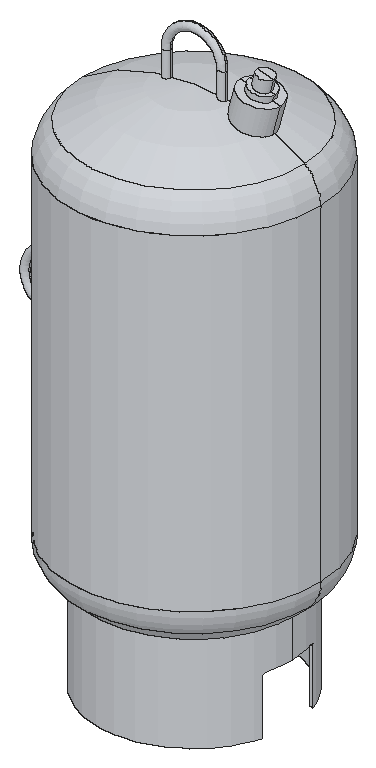
Revit family
Parameters (values of type "WX-85-CL 125# W.P.")
  Weight = "92 lbs"
  Tank Volume = "22 Gal"
  Tank Height/Length = 33.938"
  Tank Diameter = 16.000"
  Shell Length = 20.188"
  Pipe Connector Diameter = Pipe Connection Radius * 2  # 1.250"
  Pipe Connection Radius = 0.625"
  Model = "WX-85-CL"
  Maximum Acceptance Volume = "11 Gal"
  Max Operating Temp = "240 DEG F"
  Max Operating Pressure = "125 PSI"
  Manufacturer = "Amtrol"
  Lifting Ring Location = Shell Length / 2  # 10.094"
  Floor to Elbow Centerline = 1.313"
  Floor to Bottom of Tank = 3.286"
  Bladder/Diaphragm = "Bladder"
  ASME = yes
Types (3): name | Weight | Tank Volume | Tank Height/Length | Shell Length | Model | Lifting Ring Location
  (no name) | "92 lbs" | "22 Gal" | 33.938" | 20.188" | "WX-85-CL" | 10.094"
  WX-100-CL 125# W.P. | "98 lbs" | "26 Gal" | 38.625" | 24.875" | "WX-100-CL" | 12.4375"
  WX-85-CL 125# W.P. | "92 lbs" | "22 Gal" | 33.938" | 20.188" | "WX-85-CL" | 10.094"
Reference planes (in)
  plane 1 "Center (Front/Back)": y = 0
  plane 2: z = 0
  plane 3 "Center (Left/Right)": x = 0
Forms (in)
  Revolve 1, solid
    sketch origin (0, 0, 0) x (1, 0, 0) y (0, 0, 1)
      loop
        line (-6.21408, 0) -> (-6.02608, 0) -> (-6.02608, 7.44707) -> (-6.21408, 7.44707) -> (-6.21408, 0)
      axis (0, 0) -> (0, 7.44707)
    angle from 0 to 360
  Revolve 2, solid
    sketch origin (0, 0, 0) x (1, 0, 0) y (0, 0, 1)
      loop
        line (0.6492, 3.3675) -> (0.6492, 4.19707) -> (0, 4.19707) -> (0, 3.3675) -> (0.6492, 3.3675)
      axis (0, 3.3675) -> (0, 4.19707)
    angle from 0 to 360
  Extrusion 3, void
    sketch origin (0, 0, 0) x (0, 1, 0) y (0, 0, 1)
      loop
        line (0, 3.70581) -> (-1.75, 3.70581)
        arc (-1.75, 3.70581) -> (-1.92678, 3.63258) -> (-2, 3.45581) r 0.25
        line (-2, 3.45581) -> (-2, -0.25) -> (2, -0.25) -> (2, 3.45581)
        arc (2, 3.45581) -> (1.92678, 3.63258) -> (1.75, 3.70581) r 0.25
        line (1.75, 3.70581) -> (0, 3.70581)
    from 3.88729 to 12
  Sweep 4, solid
    path origin (0, 0, 0) x (1, 0, 0) y (0, 0, 1)
      loop
        line (0, 2.813) -> (0, 2.511)
        arc (0, 2.511) -> (0.35089, 1.66389) -> (1.198, 1.313) r 1.198
        line (1.198, 1.313) -> (1.5, 1.313)
    profile origin (0, 0, 2.662) x (0, -1, 0) y (1, 0, 0)
      loop
        circle (0, 0) r 0.75
  Revolve 5, solid
    sketch origin (0, 0, 0) x (1, 0, 0) y (0, 0, 1)
      loop
        arc (8, 29.88889) -> (7.69523, 30.99622) -> (6.97852, 31.89366) r 2.85302
        arc (6.97852, 31.89366) -> (3.64531, 33.44851) -> (0, 33.938) r 12.18572
        line (0, 33.938) -> (0, 3.286) -> (3.18292, 3.286) -> (3.18292, 3.786) -> (2.165, 3.786) -> (2.165, 3.982) -> (3.18292, 3.982) -> (3.18292, 4.89275)
        arc (3.18292, 4.89275) -> (3.29039, 4.93727) -> (3.33491, 5.04474) r 0.15199
        arc (3.33491, 5.04474) -> (5.51061, 5.73074) -> (7.34444, 7.0877) r 6.911
        arc (7.34444, 7.0877) -> (7.82992, 7.83527) -> (8, 8.71027) r 2.33578
        line (8, 8.71027) -> (8, 29.88889)
      axis (0, 3.286) -> (0, 33.938)
    angle from 0 to 360
  Revolve 6, solid
    sketch origin (0, 0, 0) x (1, 0, 0) y (0, 0, 1)
      loop
        line (0, 2.813) -> (0.65074, 2.813) -> (0.65074, 4.313) -> (0, 4.313) -> (0, 2.813)
      axis (0, 2.813) -> (0, 4.313)
    angle from 0 to 360
  Revolve 7, solid
    sketch origin (0, 0, 0) x (1, 0, 0) y (0, 0, 1)
      loop
        line (3.71899, 33.13446) -> (4.98039, 32.79647) -> (5.47078, 34.62663) -> (4.98781, 34.75604) -> (5.08486, 35.11823) -> (4.81775, 35.1898) -> (5.01993, 35.94437) -> (4.50861, 36.08137) -> (3.71899, 33.13446)
      axis (3.71899, 33.13446) -> (4.50861, 36.08137)
    angle from 0 to 360
  Sweep 8, solid
    path origin (0, 0, 0) x (1, 0, 0) y (0, 0, 1)
      loop
        line (-1.72794, 33.65652) -> (-1.72794, 35.40652)
        arc (-1.72794, 35.40652) -> (0.02206, 37.15652) -> (1.77206, 35.40652) r 1.75
        line (1.77206, 35.40652) -> (1.77206, 33.65652)
    profile origin (-1.72794, 0, 34.53152) x (-1, 0, 0) y (0, -1, 0)
      loop
        circle (0, 0) r 0.25
  Sweep 9, solid
    path origin (0, 0, 0) x (1, 0, 0) y (0, 0, 1)
      loop
        line (-7.87976, 21.54489) -> (-8.87976, 21.54489)
        arc (-8.87976, 21.54489) -> (-10.62976, 19.79489) -> (-8.87976, 18.04489) r 1.75
        line (-8.87976, 18.04489) -> (-7.86212, 18.04489)
    profile origin (-8.37976, 0, 21.54489) x (0, 0, -1) y (0, -1, 0)
      loop
        circle (0, 0) r 0.25
Cuts and joins
  Extrusion 3 cuts Revolve 1
  Extrusion 3 cuts Revolve 2
Dimensions and locks (in)
  "Floor to Elbow Centerline": Sweep 4 sketch curve to cut or joined group of Revolve 1, Extrusion 3
  "Floor to Bottom of Tank": Revolve 5 sketch curve to cut or joined group of Revolve 1, Extrusion 3
  "Tank Height/Length": Revolve 5 sketch curve to cut or joined group of Revolve 1, Extrusion 3
  Revolve 5 sketch curve to Revolve 5 sketch curve = 9.35369"
  Revolve 7 sketch curve to Revolve 5 = 0.90281"
  Revolve 7 sketch curve to Revolve 5 = 1.2408"
  Revolve 7 sketch curve to Revolve 7 sketch curve = 3.05087"
  Revolve 7 sketch curve to Revolve 7 sketch curve = 2.26969"
  Revolve 7 sketch curve to Revolve 7 sketch curve = 1.89473"
  Sweep 8 sketch curve to Revolve 5 = 1.76286"  (x2)
  "Lifting Ring Location": Revolve 5 to Sweep 9 sketch curve
  aligned and locked: plane 1 "Center (Front/Back)" to import instance
  aligned and locked: import instance to plane 3 "Center (Left/Right)"
Automatic sketch dimensions
  Revolve 2 sketch curve to plane 3 "Center (Left/Right)" = 0.000"  (x2)
  plane 3 "Center (Left/Right)" to Revolve 2 sketch curve = 0.6492"
  level to Revolve 2 sketch curve = 3.3675"
  Revolve 2 sketch curve to Revolve 2 sketch curve = 0.000"
  Revolve 2 sketch curve to Revolve 2 sketch curve = 0.82957"
  Revolve 2 sketch curve to Revolve 2 sketch curve = 1.25068"
  Extrusion 3 sketch curve to plane 1 "Center (Front/Back)" = 0.000"
  plane 1 "Center (Front/Back)" to Extrusion 3 sketch curve = 1.750"
  Extrusion 3 sketch curve to Extrusion 3 sketch curve = 0.250"  (x2)
  Extrusion 3 sketch curve to plane 1 "Center (Front/Back)" = 1.750"
  Extrusion 3 sketch curve to level = 0.250"
  level to Extrusion 3 sketch curve = 3.45581"
  Sweep 4 sketch curve to plane 3 "Center (Left/Right)" = 0.000"
  Sweep 4 sketch curve to Sweep 4 sketch curve = 1.198"
  Sweep 4 sketch curve to Sweep 4 sketch curve = 0.302"  (x2)
  plane 1 "Center (Front/Back)" to Sweep 4 sketch curve = 0.000"
  Sweep 4 sketch curve to profile plane = 0.000"
  Revolve 5 sketch curve to plane 3 "Center (Left/Right)" = 0.000"  (x2)
  plane 3 "Center (Left/Right)" to Revolve 5 sketch curve = 0.2195"
  plane 3 "Center (Left/Right)" to Revolve 5 sketch curve = 2.165"
  plane 3 "Center (Left/Right)" to Revolve 5 sketch curve = 2.37308"
  Revolve 5 sketch curve to Revolve 5 sketch curve = 1.01792"
  Revolve 5 sketch curve to Revolve 5 sketch curve = 0.000"  (x3)
  Revolve 5 sketch curve to Revolve 5 sketch curve = 0.15199"
  plane 3 "Center (Left/Right)" to Revolve 5 sketch curve = 5.15317"
  Revolve 5 sketch curve to Revolve 5 sketch curve = 2.32931"
  Revolve 5 sketch curve to Revolve 5 sketch curve = 1.82535"
  Revolve 5 sketch curve to Revolve 5 sketch curve = 1.68022"
  Revolve 5 sketch curve to Revolve 5 sketch curve = 1.02148"
  Revolve 5 sketch curve to Revolve 5 sketch curve = 0.500"
  Revolve 5 sketch curve to Revolve 5 sketch curve = 0.196"
  Revolve 5 sketch curve to Revolve 5 sketch curve = 0.91075"
  Revolve 5 sketch curve to Revolve 5 sketch curve = 0.18791"
  Revolve 5 sketch curve to Revolve 5 sketch curve = 4.64337"
  Revolve 6 sketch curve to plane 3 "Center (Left/Right)" = 0.000"  (x2)
  plane 3 "Center (Left/Right)" to Revolve 6 sketch curve = 0.65074"
  level to Revolve 6 sketch curve = 2.813"
  Revolve 6 sketch curve to Revolve 6 sketch curve = 0.000"
  Revolve 6 sketch curve to Revolve 6 sketch curve = 1.500"
  Revolve 6 sketch curve to Revolve 6 sketch curve = 0.500"
  Revolve 1 sketch curve to level = 0.000"  (x2)
  Revolve 1 sketch curve to plane 3 "Center (Left/Right)" = 0.000"
  Revolve 1 sketch curve to plane 3 "Center (Left/Right)" = 6.02608"
  Revolve 1 sketch curve to Revolve 1 sketch curve = 0.188"
  level to Revolve 1 sketch curve = 7.44707"
  Revolve 1 sketch curve to Revolve 1 sketch curve = 1.05293"
  plane 3 "Center (Left/Right)" to Revolve 7 sketch curve = 3.71899"
  Revolve 7 sketch curve to Revolve 7 sketch curve = 0.01295"
  Revolve 7 sketch curve to Revolve 7 sketch curve = 0.78962"
  Revolve 7 sketch curve to Revolve 7 sketch curve = 0.16799"
  Revolve 7 sketch curve to Revolve 7 sketch curve = 0.65303"
  Revolve 7 sketch curve to Revolve 7 sketch curve = 0.17006"
  Revolve 7 sketch curve to Revolve 7 sketch curve = 0.04834"
  Revolve 7 sketch curve to Revolve 7 sketch curve = 0.62696"
  Sweep 8 sketch curve to plane 3 "Center (Left/Right)" = 1.72794"
  plane 3 "Center (Left/Right)" to Sweep 8 sketch curve = 0.02206"
  Sweep 8 sketch curve to Sweep 8 sketch curve = 1.750"
  plane 1 "Center (Front/Back)" to Sweep 8 sketch curve = 0.000"
  Sweep 8 sketch curve to profile plane = 0.000"
  Sweep 9 sketch curve to plane 3 "Center (Left/Right)" = 8.87976"
  Sweep 9 sketch curve to Sweep 9 sketch curve = 1.01764"
  Sweep 9 sketch curve to Sweep 9 sketch curve = 1.000"
  Sweep 9 sketch curve to Sweep 9 sketch curve = 1.750"
  Sweep 9 sketch curve to plane 1 "Center (Front/Back)" = 0.000"
  Sweep 9 sketch curve to profile plane = 0.000"
  radius of Sweep 4 sketch curve = 0.750"
  radius of Sweep 8 sketch curve = 0.250"
  radius of Sweep 9 sketch curve = 0.250"
Connectors (in)
  piping at (1.5, 0, 1.313), driven by "Pipe Connection Radius"
    settings: on Sweep 4, index 1
